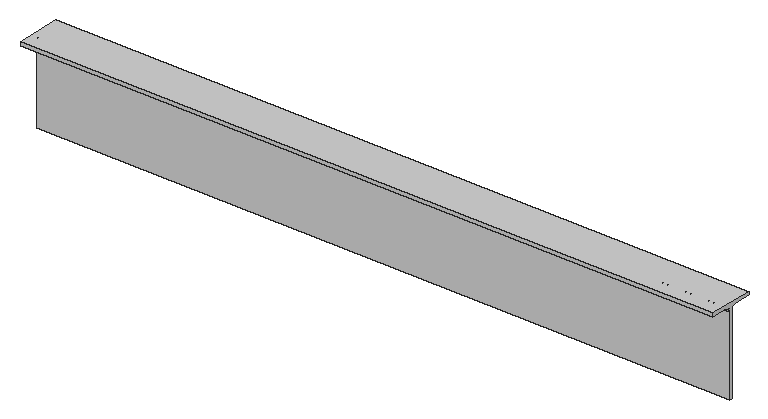
Revit family
Parameters (values of type "MT6X5.9")
  Start Extension Calculation [instance] = 10' 0 1/2" + Start Extension  # 10' - 0"
  Start Extension [instance] = -0' - 0 1/2"
  End Extension Calculation [instance] = 10' 0 1/2" + End Extension  # 10' - 0"
  End Extension [instance] = -0' - 0 1/2"
  Beam Material [instance] = Metal - Steel - ASTM A36
  A = 1.72 in²
  Assembly Code = "B10"
  Length [instance] = 5' - 0"
  W = 5.9
  bf = 0' - 3 9/128"
  d = 0' - 6"
  k = 0' - 0 9/16"
  kr = k - tf  # 0' - 0 43/128"
  tf = 0' - 0 29/128"
  tw = 0' - 0 45/256"
Types (2): name | A | W | bf | d | kr | tf | tw
  MT5X4.5 | 1.32 in² | 4.5 | 0' - 2 177/256" | 0' - 5" | 0' - 0 91/256" | 0' - 0 53/256" | 0' - 0 5/32"
  MT6X5.9 | 1.72 in² | 5.9 | 0' - 3 9/128" | 0' - 6" | 0' - 0 43/128" | 0' - 0 29/128" | 0' - 0 45/256"
Reference planes (in)
  plane 1 "Center (Front/Back)": y = 0
  plane 2: z = 0
  plane 3 "Center (Left/Right)": x = 0.1815
  plane 4 "Member Left": x = -23.8185
  plane 5 "Member Right": x = 24.1815
  plane 6: y = 1.53516
  plane 7: y = -1.53516
  plane 8 "Top": z = 3
  plane 9: z = -3
  plane 10 "Left": x = -29.8185
  plane 11 "Right": x = 30.1815
  plane 12: x = -23.8185
  plane 13: x = 24.1815
  plane 14: x = -95.8185
  plane 15: x = 96.1815
Forms (in)
  Sweep 1, solid, material "Metal - Steel - ASTM A36" <- "Beam Material", detail levels fine
    path origin (0, 0, 0) x (1, 0, 0) y (0, 1, 0)
      loop
        line (24.1815, 0) -> (-23.8185, 0)
    profile "Structural Tee-Profile-Fine : Structural Tee-Profile-Fine" origin (0.1815, 0, 0) x (0, -1, 0) y (0, 0, 1)
      loop
        line (-1.53516, 3) -> (-1.53516, 2.77344) -> (-0.42383, 2.77344)
        arc (-0.42383, 2.77344) -> (-0.18628, 2.67504) -> (-0.08789, 2.4375) r 0.33594
        line (-0.08789, 2.4375) -> (-0.08789, -3) -> (0.08789, -3) -> (0.08789, 2.4375)
        arc (0.08789, 2.4375) -> (0.18628, 2.67504) -> (0.42383, 2.77344) r 0.33594
        line (0.42383, 2.77344) -> (1.53516, 2.77344) -> (1.53516, 3) -> (-1.53516, 3)
  Sweep 2, solid, material "Metal - Steel - ASTM A36" <- "Beam Material", detail levels medium
    path origin (0, 0, 0) x (1, 0, 0) y (0, 1, 0)
      loop
        line (24.1815, 0) -> (-23.8185, 0)
    profile "Structural Tee-Profile-Medium : Structural Tee-Profile-Medium" origin (0.1815, 0, 0) x (0, -1, 0) y (0, 0, 1)
      loop
        line (-1.53516, 3) -> (-1.53516, 2.77344) -> (-0.08789, 2.77344) -> (-0.08789, -3) -> (0.08789, -3) -> (0.08789, 2.77344) -> (1.53516, 2.77344) -> (1.53516, 3) -> (-1.53516, 3)
Lines and regions (in)
  symbolic lines, style "Hidden Faces", detail levels medium+fine
    curve 1: line (24.1815, -0.08789, 0) -> (-23.8185, -0.08789, 0)
    curve 2: line (24.1815, 0.08789, 0) -> (-23.8185, 0.08789, 0)
  symbolic lines, style "Stick Symbols", detail levels coarse
    curve 3: line (0.1815, 1.53516, 3) -> (0.1815, -1.53516, 3)
    curve 4: line (0.1815, 0, 3) -> (0.1815, 0, -3)
Dimensions and locks (in)
  "bf": plane 6 to plane 7
  "d": plane 9 to plane 8 "Top"
  equal spacing: plane 9, plane 2, plane 8 "Top"
  equal spacing: plane 6, plane 1 "Center (Front/Back)", plane 7
  "Length": plane 10 "Left" to plane 11 "Right"
  equal spacing: curve 2, plane 1 "Center (Front/Back)", curve 1
  "tw": curve 2 to curve 1
  locked: plane 4 "Member Left" to plane 15 at 120
  locked: plane 14 to plane 5 "Member Right" at 120
  "Start Extension Calculation": plane 12 to plane 15
  "End Extension Calculation": plane 14 to plane 13
  aligned and locked: Sweep 1 sketch curve to plane 1 "Center (Front/Back)"
  aligned and locked: Sweep 2 sketch curve to plane 1 "Center (Front/Back)"
  aligned and locked: Sweep 2 to curve 3  (x2)
  aligned and locked: curve 3 to Sweep 2
  aligned and locked: Sweep 2 to curve 4
  aligned and locked: plane 12 to Sweep 2 sketch curve
  aligned and locked: plane 13 to Sweep 2 sketch curve
  aligned and locked: plane 12 to Sweep 1 sketch curve
  aligned and locked: plane 13 to Sweep 1 sketch curve
  aligned and locked: plane 12 to curve 2
  aligned and locked: plane 12 to curve 1
  aligned and locked: plane 13 to curve 2
  aligned and locked: plane 13 to curve 1
Automatic sketch dimensions
  curve 4 to plane 1 "Center (Front/Back)" = 0' - 0"
